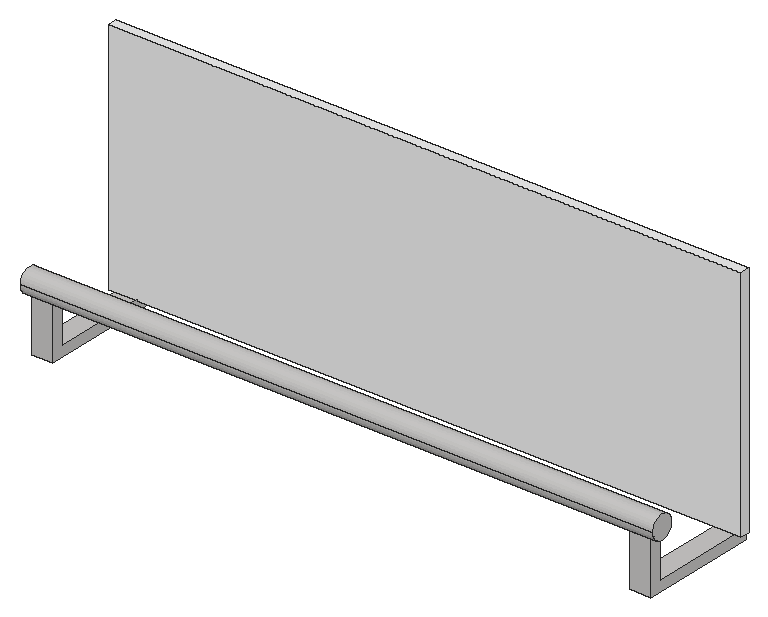
Revit family "KEUCO_14975010000", category Allgemeines Modell, Revit 2016
Family settings
  Teiletyp = Normal
  Kann Basisbauteil für Bewehrung sein = Nein
  Bemaßung runder Anschluss = Durchmesser verwenden
  Arbeitsebenenbasiert = Ja
  Immer vertikal = Nein
  Beim Laden mit Abzugskörper schneiden = Nein
  Gemeinsam genutzt = Nein
  Raumberechnungspunkt = Nein
Parameters (values of type "14975170000")
  Default Elevation = 1219.2 mm
  Verwendung = "GWC / WP"  # constant formula
  URL = "https://www.keuco.com/de/produkte/sortiment/artikel/?pid=14975&oid=1&pgo=31&country=de&lang=de&vid=14975170000"
  Preisgruppe = ""
  Material Regal = Glas, weiß, hohe Luminanz
  Serie = "Plan"  # constant formula
  Materialien bei Hersteller anfragen = "Anfrage zu:  objektmanagement@keuco.de"
  Rahmen Material = Edelstahl
  Länge = 600 mm
  Kategorie = "ACC"  # constant formula
  Hersteller = "KEUCO"  # constant formula
  Tiefe = 235 mm
  Gewicht = 1.46
  Beschreibung = "mit Ablage aus ESG-Glas"
  Assembly Code = ""
  Ausschreibungstext = "KEUCO PLAN Handtuchablage, 14975170000\r\nHandtuchablage aus transparentem ESG, Stärke 8 mm, \r\nGesamtbreite 600 mm,\r\nin ästhetischem, funktionalem Design, \r\nHandtuchhalter aus silber-exloxiertem Aluminiumrohr, \r\nDurchmesser 25 mm,\r\ndie Glasaufnahmen sind als Design-Element hochglanzverchromt,\r\nleicht zu reinigen, antistatisch, Ausladung Handtuchhalter 112 mm,\r\nGesamthöhe 112 mm, Gesamtbreite 600 mm, Ausladung 235 mm,\r\ndie Handtuchablage wird verdeckt angebracht,\r\nLieferung inkl. korrosionsfreiem Befestigungsmaterial"
  Artikelnummer = "14975170000"
Types (3, lengths in mm): name | URL | Materialien bei Hersteller anfragen | Rahmen Material | Ausschreibungstext | Artikelnummer
  14975010000 | "https://www.keuco.com/de/produkte/sortiment/artikel/?pid=14975&oid=1&pgo=31&country=de&lang=de&vid=14975010000" | "Request to:  objektmanagement@keuco.de" | Verchromt | "KEUCO PLAN Handtuchablage, 14975010000\r\nHandtuchablage aus transparentem ESG, Stärke 8 mm, \r\nGesamtbreite 600 mm,\r\nin ästhetischem, funktionalem Design, \r\nHandtuchhalter aus hochglanzverchromten Messingrohr, \r\nDurchmesser 25 mm,\r\nleicht zu reinigen, antistatisch, Ausladung Handtuchhalter 112 mm,\r\nGesamthöhe 112 mm, Gesamtbreite 600 mm, Ausladung 235 mm,\r\ndie Handtuchablage wird verdeckt angebracht,\r\nLieferung inkl. korrosionsfreiem Befestigungsmaterial" | "14975010000"
  14975070000 | "https://www.keuco.com/de/produkte/sortiment/artikel/?pid=14975&oid=1&pgo=31&country=de&lang=de&vid=14975070000" | "Request to:  objektmanagement@keuco.de" | Edelstahl | "KEUCO PLAN Handtuchablage, 14975070000\r\nHandtuchablage aus transparentem ESG, Stärke 8 mm, \r\nGesamtbreite 600 mm,\r\nin ästhetischem, funktionalem Design, \r\nHandtuchhalter aus hochwertigem Edelstahl, \r\nDurchmesser 25 mm,\r\nleicht zu reinigen, antistatisch, Ausladung Handtuchhalter 112 mm,\r\nGesamthöhe 112 mm, Gesamtbreite 600 mm, Ausladung 235 mm,\r\ndie Handtuchablage wird verdeckt angebracht,\r\nLieferung inkl. korrosionsfreiem Befestigungsmaterial" | "14975070000"
  14975170000 | "https://www.keuco.com/de/produkte/sortiment/artikel/?pid=14975&oid=1&pgo=31&country=de&lang=de&vid=14975170000" | "Anfrage zu:  objektmanagement@keuco.de" | Edelstahl | "KEUCO PLAN Handtuchablage, 14975170000\r\nHandtuchablage aus transparentem ESG, Stärke 8 mm, \r\nGesamtbreite 600 mm,\r\nin ästhetischem, funktionalem Design, \r\nHandtuchhalter aus silber-exloxiertem Aluminiumrohr, \r\nDurchmesser 25 mm,\r\ndie Glasaufnahmen sind als Design-Element hochglanzverchromt,\r\nleicht zu reinigen, antistatisch, Ausladung Handtuchhalter 112 mm,\r\nGesamthöhe 112 mm, Gesamtbreite 600 mm, Ausladung 235 mm,\r\ndie Handtuchablage wird verdeckt angebracht,\r\nLieferung inkl. korrosionsfreiem Befestigungsmaterial" | "14975170000"
Reference planes
  plane 1 "Center (Front/Back)": y = 0
  plane 2: z = 0
  plane 3 "Center (Left/Right)": x = 0
  plane 4: x = -300
  plane 5: x = 300
  plane 6: z = 235
Forms (mm)
  Extrusion 1, solid, material "Edelstahl" <- "Rahmen Material"
    sketch origin (0, 0, 0) x (0, 1, 0) y (0, 0, 1)
      loop
        line (9.201, 0) -> (9.201, 10) -> (-92.815, 10) -> (-92.815, 50) -> (-103.27, 50) -> (-103.27, 0) -> (9.201, 0)
    from -293.764 to -273.584
  Extrusion 2, solid, material "Edelstahl" <- "Rahmen Material"
    sketch origin (0, 0, 0) x (0, 1, 0) y (0, 0, 1)
      loop
        circle (-98.043, 59.672) r 11
    from -300 to 300
  Extrusion 3, solid, material "Glas, weiß, hohe Luminanz" <- "Material Regal"
    sketch origin (0, 0, 0) x (1, 0, 0) y (0, 0, 1)
      loop
        line (-300, 235) -> (-300, 10.017) -> (300, 10.017) -> (300, 235) -> (-300, 235)
    from -4.38 to 4.38
  Extrusion 4, solid, material "Edelstahl" <- "Rahmen Material"
    sketch origin (0, 0, 0) x (0, 1, 0) y (0, 0, -1)
      loop
        line (9.201, 0) -> (-103.27, 0) -> (-103.27, -50) -> (-92.815, -50) -> (-92.815, -10) -> (9.201, -10) -> (9.201, 0)
    from -293.764 to -273.584
Dimensions and locks
  equal spacing: plane 5, plane 3 "Center (Left/Right)", plane 4
  "Länge": plane 5 to plane 4
  "Tiefe": plane 6 to level
  equal spacing: Extrusion 3, plane 1 "Center (Front/Back)", Extrusion 3
  locked: Extrusion 3 to Extrusion 3 at 8.761
  Extrusion 1 sketch curve to Extrusion 1 sketch curve = 112.472 mm
  Extrusion 3 to Extrusion 1 to Extrusion 1 = 6.236 mm, 20.18 mm
  Extrusion 4 sketch curve to Extrusion 4 sketch curve = 112.472 mm
  aligned and locked: level to plane 2
  aligned and locked: Extrusion 3 to plane 4
  aligned and locked: plane 5 to Extrusion 3
  aligned and locked: Extrusion 3 to plane 6
Automatic sketch dimensions
  Extrusion 1 sketch curve to level = 0 mm
  plane 1 "Center (Front/Back)" to Extrusion 1 sketch curve = 103.27 mm
  Extrusion 1 sketch curve to Extrusion 1 sketch curve = 10.456 mm
  Extrusion 1 sketch curve to Extrusion 1 sketch curve = 10 mm
  Extrusion 1 sketch curve to Extrusion 1 sketch curve = 40 mm
  plane 1 "Center (Front/Back)" to Extrusion 2 sketch curve = 98.043 mm
  level to Extrusion 2 sketch curve = 59.672 mm
  Extrusion 3 sketch curve to plane 4 = 0 mm
  Extrusion 3 sketch curve to plane 5 = 0 mm
  Extrusion 3 sketch curve to plane 6 = 0 mm
  level to Extrusion 3 sketch curve = 10.017 mm
  Extrusion 4 sketch curve to level = 0 mm
  plane 1 "Center (Front/Back)" to Extrusion 4 sketch curve = 103.27 mm
  Extrusion 4 sketch curve to Extrusion 4 sketch curve = 10.456 mm
  level to Extrusion 4 sketch curve = 10 mm
  Extrusion 4 sketch curve to Extrusion 4 sketch curve = 40 mm
  radius of Extrusion 2 sketch curve = 11 mm
